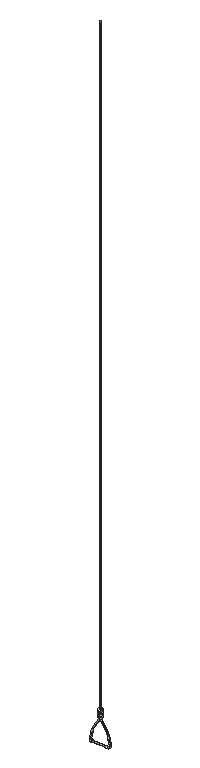
Revit family "Wire-HunterDouglas-Snap-In", category Specialty Equipment, Revit 2013
Parameters (values of type "Parametric")
  ecoScorecard_data = "http://products.ecoscorecard.com/hunterdouglas/PTSI"
  ecoScorecard Product Page = "http://hunterdouglascontract.ecoscorecard.com/product/PTSI?base_search=product_category_A1035"
  Wire Hanger = Metal - Aluminum Frame - HunterDouglas - Painted White
  URL = "http://www.hunterdouglascontract.com/ceilings/index.jsp"
  Subcategory = "Metal – Plank and Tile"  # constant formula
  Product Line = "Snap-In"  # constant formula
  Perforations = "http://www.hunterdouglascontract.com/ceilings/metalsystems/plank/snapin/index.jsp?t=perfPage"
  Model = "Snap-In Wire Hanger"  # constant formula
  Manufacturer = "Hunter Douglas Luxalon Metal Ceilings"  # constant formula
  Hanger Wire Height [instance] = 3' - 0"
  Description = "Hanger_Wire"  # constant formula
  Color Finishes = "http://www.hunterdouglascontract.com/ceilings/metalsystems/plank/snapin/index.jsp?t=colorPage"
  Assembly Code = "C3030200"
  95 CSI = "09510"  # constant formula
  04 CSI = "09 51 00"  # constant formula
Reference planes (in)
  plane 1 "Center (Front/Back)": y = 0
  plane 2: z = 0
  plane 3 "Center (Left/Right)": x = 0
  plane 4: x = -0.77248
  plane 5: x = 0.77248
  plane 6: z = 2.4375
  plane 7: z = 2.5
  plane 8: z = 36
Dimensions and locks (in)
  equal spacing: plane 4, plane 3 "Center (Left/Right)", plane 5
  plane 4 to plane 5 = 0' - 1.54495"
  locked: plane 6 to plane 7 at 0.0625
  locked: plane 6 to level at 2.4375
  "Hanger Wire Height": plane 8 to level
  aligned and locked: level to plane 2
  aligned and locked: plane 3 "Center (Left/Right)" to nested 1
  aligned and locked: plane 1 "Center (Front/Back)" to nested 1
  aligned and locked: plane 6 to nested 1
Nested families (in)
  nested 1: "Wire" at (0, 0, 0), type "Parametric"
Definition of nested family "Wire"
  Parameters (values of type "Parametric")
    Wire Hanger = Metal - Aluminum Frame - HunterDouglas - Painted White
    URL = "http://www.hunterdouglascontract.com/ceilings/index.jsp"
    Subcategory = "Metal – Linear"  # constant formula
    Product Line = "6-7 Box Series & Deep Box"  # constant formula
    Model = "6-7 Box Series & Deep Box Hanger Wire"  # constant formula
    Manufacturer = "Hunter Douglas Luxalon Metal Ceilings"  # constant formula
    HangerWire Length = 3' - 0"
    Description = "Hanger_Wire"  # constant formula
    Assembly Code = "C3030200"
    95 CSI = "09510"  # constant formula
    04 CSI = "09 51 00"  # constant formula
  Reference planes (in)
    plane 1 "Center (Front/Back)": y = 0
    plane 2: z = 0
    plane 3 "Center (Left/Right)": x = 0
    plane 4: x = -0.77248
    plane 5: x = 0.77248
    plane 6: z = 2.4375
    plane 7: z = 2.5
    plane 8: z = 36
  Forms (in)
    Sweep 1, solid, material "Metal - Aluminum Frame - HunterDouglas - Painted White" <- "Wire Hanger", detail levels fine
      path origin (0, 0, 0) x (1, 0, 0) y (0, 0, 1)
        loop
          line (0.03125, 36) -> (0.03125, 3.70793) -> (0.38236, 3.14135)
          arc (0.38236, 3.14135) -> (0.44435, 3.01623) -> (0.48166, 2.88166) r 0.73777
          line (0.48166, 2.88166) -> (0.5376, 2.56649)
          arc (0.5376, 2.56649) -> (0.51364, 2.47677) -> (0.42949, 2.4375) r 0.1098
          line (0.42949, 2.4375) -> (-0.42976, 2.4375)
          arc (-0.42976, 2.4375) -> (-0.51374, 2.47669) -> (-0.53765, 2.56622) r 0.10957
          line (-0.53765, 2.56622) -> (-0.48246, 2.87715)
          arc (-0.48246, 2.87715) -> (-0.44395, 3.01607) -> (-0.37995, 3.14524) r 0.76163
          line (-0.37995, 3.14524) -> (-0.0384, 3.69638)
      profile origin (-0.00014, 0, 2.4375) x (0, 0, -1) y (0, -1, 0)
        loop
          circle (-0.03125, 0) r 0.03125
    Revolve 2, solid, material "Metal - Aluminum Frame - HunterDouglas - Painted White" <- "Wire Hanger", detail levels fine
      sketch origin (-1.10243, 0, 0.17393) x (0.947216, 0, -0.320596) y (0.320596, 0, 0.947216)
        loop
          line (-0.19925, 4.08974) -> (-0.26999, 4.08974)
          arc (-0.26999, 4.08974) -> (-0.30124, 4.05849) -> (-0.26999, 4.02724) r 0.03125
          line (-0.26999, 4.02724) -> (-0.19925, 4.02724) -> (-0.19925, 4.08974)
        axis (-0.19925, 4.02724) -> (-0.19925, 4.08974)
      angle from 0 to 360
    Revolve 3, solid, material "Metal - Aluminum Frame - HunterDouglas - Painted White" <- "Wire Hanger", detail levels fine
      sketch origin (-1.10243, 0, 0.1083) x (0.947216, 0, -0.320596) y (0.320596, 0, 0.947216)
        loop
          line (-0.19925, 4.08974) -> (-0.26999, 4.08974)
          arc (-0.26999, 4.08974) -> (-0.30124, 4.05849) -> (-0.26999, 4.02724) r 0.03125
          line (-0.26999, 4.02724) -> (-0.19925, 4.02724) -> (-0.19925, 4.08974)
        axis (-0.19925, 4.02724) -> (-0.19925, 4.08974)
      angle from 0 to 360
    Revolve 4, solid, material "Metal - Aluminum Frame - HunterDouglas - Painted White" <- "Wire Hanger", detail levels fine
      sketch origin (-1.10243, 0, 0.04197) x (0.947216, 0, -0.320596) y (0.320596, 0, 0.947216)
        loop
          line (-0.19925, 4.08974) -> (-0.26999, 4.08974)
          arc (-0.26999, 4.08974) -> (-0.30124, 4.05849) -> (-0.26999, 4.02724) r 0.03125
          line (-0.26999, 4.02724) -> (-0.19925, 4.02724) -> (-0.19925, 4.08974)
        axis (-0.19925, 4.02724) -> (-0.19925, 4.08974)
      angle from 0 to 360
    Revolve 5, solid, material "Metal - Aluminum Frame - HunterDouglas - Painted White" <- "Wire Hanger", detail levels fine
      sketch origin (-1.10243, 0, -0.02402) x (0.947216, 0, -0.320596) y (0.320596, 0, 0.947216)
        loop
          line (-0.19925, 4.08974) -> (-0.26999, 4.08974)
          arc (-0.26999, 4.08974) -> (-0.30124, 4.05849) -> (-0.26999, 4.02724) r 0.03125
          line (-0.26999, 4.02724) -> (-0.19925, 4.02724) -> (-0.19925, 4.08974)
        axis (-0.19925, 4.02724) -> (-0.19925, 4.08974)
      angle from 0 to 360
    Revolve 6, solid, material "Metal - Aluminum Frame - HunterDouglas - Painted White" <- "Wire Hanger", detail levels fine
      sketch origin (-1.10243, 0, -0.09) x (0.947216, 0, -0.320596) y (0.320596, 0, 0.947216)
        loop
          line (-0.19925, 4.08974) -> (-0.26999, 4.08974)
          arc (-0.26999, 4.08974) -> (-0.30124, 4.05849) -> (-0.26999, 4.02724) r 0.03125
          line (-0.26999, 4.02724) -> (-0.19925, 4.02724) -> (-0.19925, 4.08974)
        axis (-0.19925, 4.02724) -> (-0.19925, 4.08974)
      angle from 0 to 360
    Revolve 7, solid, material "Metal - Aluminum Frame - HunterDouglas - Painted White" <- "Wire Hanger", detail levels fine
      sketch origin (-1.10243, 0, -0.15751) x (0.947216, 0, -0.320596) y (0.320596, 0, 0.947216)
        loop
          line (-0.19925, 4.08974) -> (-0.26999, 4.08974)
          arc (-0.26999, 4.08974) -> (-0.30124, 4.05849) -> (-0.26999, 4.02724) r 0.03125
          line (-0.26999, 4.02724) -> (-0.19925, 4.02724) -> (-0.19925, 4.08974)
        axis (-0.19925, 4.02724) -> (-0.19925, 4.08974)
      angle from 0 to 360
  Cuts and joins
    joined: Sweep 1, Revolve 3, Revolve 5, Revolve 7
  Lines and regions (in)
    model lines, style "Wire", detail levels coarse+medium
      curve 1: line (0, 0, 36) -> (0, 0, 2.5)
    symbolic lines, style "Wire", detail levels fine
      curve 2: line (-0.50903, 0.03125, 0) -> (-0.08588, 0.03125, 0)
      curve 3: line (0.50903, -0.03126, 0) -> (0.10541, -0.03126, 0)
      curve 4: arc (0.50903, 0.03125, 0) -> (0.54029, 0, 0) -> (0.50903, -0.03126, 0) r 0.03125
      curve 5: arc (-0.50903, 0.03125, 0) -> (-0.54029, 0, 0) -> (-0.50903, -0.03126, 0) r 0.03125
      curve 6: circle (0.00977, 0, 0) r 0.10062 normal (0, 0, 1)
      curve 7: circle (0, 0, 0) r 0.03125 normal (0, 0, 1)
      curve 8: line (0.10541, 0.03125, 0) -> (0.50903, 0.03125, 0)
      curve 9: line (-0.08587, -0.03126, 0) -> (-0.50903, -0.03126, 0)
      curve 43: line (-0.03122, 0, 36) -> (0.03122, 0, 36)
      curve 44: line (0.03122, 0, 36) -> (0.03122, 0, 4.1081)
      curve 45: line (-0.04684, 0, 4.13498) -> (0.08788, 0, 4.08859)
      curve 46: line (-0.07537, 0, 4.07858) -> (0.06749, 0, 4.02939)
      curve 47: arc (0.08788, 0, 4.08859) -> (0.10729, 0, 4.0488) -> (0.06749, 0, 4.02939) r 0.03131
      curve 48: arc (-0.04684, 0, 4.13498) -> (-0.08569, 0, 4.11922) -> (-0.07537, 0, 4.07858) r 0.0319
      curve 49: arc (0.08788, 0, 4.02237) -> (0.10784, 0, 3.98437) -> (0.0711, 0, 3.96216) r 0.03131
      curve 50: arc (-0.04684, 0, 4.06876) -> (-0.08551, 0, 4.05335) -> (-0.07602, 0, 4.01282) r 0.0319
      curve 51: line (-0.07602, 0, 4.01282) -> (0.0711, 0, 3.96216)
      curve 52: arc (0.08788, 0, 3.95615) -> (0.10784, 0, 3.91815) -> (0.0711, 0, 3.89594) r 0.03131
      curve 53: arc (-0.04684, 0, 4.00254) -> (-0.08551, 0, 3.98713) -> (-0.07602, 0, 3.9466) r 0.0319
      curve 54: line (-0.07602, 0, 3.9466) -> (0.0711, 0, 3.89594)
      curve 55: arc (0.08788, 0, 3.88993) -> (0.10784, 0, 3.85193) -> (0.0711, 0, 3.82972) r 0.03131
      curve 56: arc (-0.04684, 0, 3.93632) -> (-0.08551, 0, 3.92091) -> (-0.07602, 0, 3.88038) r 0.0319
      curve 57: line (-0.07602, 0, 3.88038) -> (0.0711, 0, 3.82972)
      curve 58: arc (0.08788, 0, 3.82371) -> (0.10784, 0, 3.78571) -> (0.0711, 0, 3.7635) r 0.03131
      curve 59: arc (-0.04684, 0, 3.8701) -> (-0.08551, 0, 3.85469) -> (-0.07602, 0, 3.81416) r 0.0319
      curve 60: line (-0.07602, 0, 3.81416) -> (0.0711, 0, 3.7635)
      curve 61: arc (0.08788, 0, 3.75749) -> (0.10784, 0, 3.71949) -> (0.0711, 0, 3.69728) r 0.03131
      curve 62: arc (-0.04684, 0, 3.80388) -> (-0.08551, 0, 3.78847) -> (-0.07602, 0, 3.74794) r 0.0319
      curve 63: line (-0.07602, 0, 3.74794) -> (0.0711, 0, 3.69728)
      curve 64: line (-0.0384, 0, 3.69638) -> (-0.37724, 0, 3.14961)
      curve 65: line (-0.53854, 0, 2.57083) -> (-0.47845, 0, 2.89346)
      curve 66: arc (-0.47845, 0, 2.89346) -> (-0.43931, 0, 3.02606) -> (-0.37724, 0, 3.14961) r 0.77561
      curve 67: arc (-0.53854, 0, 2.57083) -> (-0.5193, 0, 2.48393) -> (-0.44337, 0, 2.4375) r 0.11373
      curve 68: line (0.08629, 0, 3.61911) -> (-0.0384, 0, 3.69638)
      curve 69: spline (-0.02925, 0, 3.69071) -> (-0.02601, 0, 3.69164) -> (-0.02149, 0, 3.69294) -> (-0.01593, 0, 3.69453) -> (-0.00958, 0, 3.69634) -> (-0.00276, 0, 3.69828) -> (0.00419, 0, 3.70026) -> (0.01093, 0, 3.70218) -> (0.01714, 0, 3.70394) -> (0.02251, 0, 3.70547) -> (0.02678, 0, 3.70667) -> (0.02974, 0, 3.70751) -> (0.03125, 0, 3.70793)
      curve 70: line (0, 0, 3.6397) -> (-0.32412, 0, 3.11669)
      curve 71: arc (-0.41709, 0, 2.88159) -> (-0.3811, 0, 3.00329) -> (-0.32412, 0, 3.11669) r 0.71311
      curve 72: line (-0.4771, 0, 2.55939) -> (-0.41709, 0, 2.88159)
      curve 73: arc (-0.4771, 0, 2.55939) -> (-0.46843, 0, 2.52024) -> (-0.43423, 0, 2.49933) r 0.05123
      curve 74: line (0.03122, 0, 36) -> (-0.03122, 0, 36)
      curve 75: line (-0.03122, 0, 36) -> (-0.03122, 0, 4.1296)
      curve 76: line (0.02882, 0, 3.71184) -> (0.37724, 0, 3.14961)
      curve 77: line (0.53854, 0, 2.57083) -> (0.47845, 0, 2.89346)
      curve 78: arc (0.47845, 0, 2.89346) -> (0.43931, 0, 3.02606) -> (0.37724, 0, 3.14961) r 0.77561
      curve 79: arc (0.53854, 0, 2.57083) -> (0.5193, 0, 2.48393) -> (0.44337, 0, 2.4375) r 0.11373
      curve 80: arc (0.4771, 0, 2.55939) -> (0.46843, 0, 2.52024) -> (0.43423, 0, 2.49933) r 0.05123
      curve 81: line (0.4771, 0, 2.55939) -> (0.41709, 0, 2.88159)
      curve 82: arc (0.41709, 0, 2.88159) -> (0.3811, 0, 3.00329) -> (0.32412, 0, 3.11669) r 0.71311
      curve 83: line (0, 0, 3.6397) -> (0.32412, 0, 3.11669)
      curve 84: line (-0.43423, 0, 2.49933) -> (0.43423, 0, 2.49933)
      curve 85: line (0.44337, 0, 2.4375) -> (-0.44337, 0, 2.4375)
      curve 86: line (-0.03122, 0, 3.73252) -> (-0.03122, 0, 3.69194)
    symbolic lines, style "Wire"
      curve 10: line (0, 0.03125, 36) -> (0, -0.03125, 36)
      curve 11: line (0, 0.03125, 2.46831) -> (0, 0.03125, 3.69854)
      curve 12: line (0, -0.03125, 36) -> (0, -0.03125, 4.05165)
      curve 13: arc (0, -0.08474, 4.0503) -> (0, -0.10167, 4.01557) -> (0, -0.08145, 3.98266) r 0.04011
      curve 14: arc (0, -0.08145, 3.98266) -> (0, -0.04212, 3.96692) -> (0, 0, 3.96236) r 0.15569
      curve 15: arc (0, 0.08474, 4.0503) -> (0, 0.10167, 4.01557) -> (0, 0.08145, 3.98266) r 0.04011
      curve 16: arc (0, 0.08145, 3.98266) -> (0, 0.04212, 3.96692) -> (0, 0, 3.96236) r 0.15569
      curve 17: arc (0, 0.03125, 4.05165) -> (0, 0, 4.04216) -> (0, -0.03125, 4.05165) r 0.05621
      curve 18: arc (0, -0.08169, 3.9828) -> (0, -0.10172, 3.94794) -> (0, -0.08145, 3.91321) r 0.04011
      curve 19: arc (0, -0.08145, 3.91321) -> (0, -0.04212, 3.89747) -> (0, 0, 3.89291) r 0.15569
      curve 20: arc (0, 0.08169, 3.9828) -> (0, 0.10172, 3.94794) -> (0, 0.08145, 3.91321) r 0.04011
      curve 21: arc (0, 0.08145, 3.91321) -> (0, 0.04212, 3.89747) -> (0, 0, 3.89291) r 0.15569
      curve 22: arc (0, -0.08474, 3.91531) -> (0, -0.10167, 3.88058) -> (0, -0.08145, 3.84767) r 0.04011
      curve 23: arc (0, -0.08145, 3.84767) -> (0, -0.04212, 3.83193) -> (0, 0, 3.82736) r 0.15569
      curve 24: arc (0, 0.08474, 3.91531) -> (0, 0.10167, 3.88058) -> (0, 0.08145, 3.84767) r 0.04011
      curve 25: arc (0, 0.08145, 3.84767) -> (0, 0.04212, 3.83193) -> (0, 0, 3.82736) r 0.15569
      curve 26: arc (0, -0.08474, 3.84977) -> (0, -0.10167, 3.81504) -> (0, -0.08145, 3.78213) r 0.04011
      curve 27: arc (0, -0.08145, 3.78213) -> (0, -0.04212, 3.76638) -> (0, 0, 3.76182) r 0.15569
      curve 28: arc (0, 0.08474, 3.84977) -> (0, 0.10167, 3.81504) -> (0, 0.08145, 3.78213) r 0.04011
      curve 29: arc (0, 0.08145, 3.78213) -> (0, 0.04212, 3.76638) -> (0, 0, 3.76182) r 0.15569
      curve 30: arc (0, -0.08474, 3.78422) -> (0, -0.10167, 3.7495) -> (0, -0.08145, 3.71659) r 0.04011
      curve 31: arc (0, -0.08145, 3.71659) -> (0, -0.04212, 3.70084) -> (0, 0, 3.69628) r 0.15569
      curve 32: arc (0, 0.08474, 3.78422) -> (0, 0.10167, 3.7495) -> (0, 0.08145, 3.71659) r 0.04011
      curve 33: arc (0, 0.08145, 3.71659) -> (0, 0.04212, 3.70084) -> (0, 0, 3.69628) r 0.15569
      curve 34: line (0, 0.03125, 4.05165) -> (0, 0.03125, 36)
      curve 35: line (0, -0.03125, 3.69854) -> (0, -0.03125, 2.46831)
      curve 36: arc (0, -0.03125, 2.46831) -> (0, 0, 2.43706) -> (0, 0.03125, 2.46831) r 0.03125
      curve 37: arc (0, -0.08474, 4.11584) -> (0, -0.10167, 4.08112) -> (0, -0.08145, 4.0482) r 0.04011
      curve 38: arc (0, -0.08145, 4.0482) -> (0, -0.04212, 4.03246) -> (0, 0, 4.0279) r 0.15569
      curve 39: arc (0, 0.08474, 4.11584) -> (0, 0.10167, 4.08112) -> (0, 0.08145, 4.0482) r 0.04011
      curve 40: arc (0, 0.08145, 4.0482) -> (0, 0.04212, 4.03246) -> (0, 0, 4.0279) r 0.15569
      curve 41: arc (0, -0.08474, 4.11584) -> (0, -0.05931, 4.12919) -> (0, -0.03125, 4.13531) r 0.10721
      curve 42: arc (0, 0.08474, 4.11584) -> (0, 0.05931, 4.12919) -> (0, 0.03125, 4.13531) r 0.10721
  Dimensions and locks (in)
    equal spacing: plane 4, plane 3 "Center (Left/Right)", plane 5
    plane 4 to plane 5 = 0' - 1.54495"
    locked: plane 6 to plane 7 at 0.0625
    locked: plane 6 to level at 2.4375
    "HangerWire Length": plane 8 to level
    aligned and locked: level to plane 2
    aligned and locked: Sweep 1 sketch curve to plane 6
    aligned and locked: plane 8 to Sweep 1 sketch curve
    aligned and locked: curve 1 to plane 3 "Center (Left/Right)"
    aligned and locked: plane 7 to curve 1
    aligned and locked: plane 8 to curve 1
    aligned and locked: curve 7 to cut or joined group of Sweep 1, Revolve 3, Revolve 5, Revolve 7
    aligned and locked: curve 68 to cut or joined group of Sweep 1, Revolve 3, Revolve 5, Revolve 7
  Automatic sketch dimensions
    Sweep 1 sketch curve to plane 1 "Center (Front/Back)" = 0' - 0"
    profile plane to Sweep 1 sketch curve = 0' - 0 1/32"
    Revolve 2 sketch curve to plane 3 "Center (Left/Right)" = 0' - 0.06706"
    Revolve 2 sketch curve to Revolve 2 sketch curve = 0' - 0.07074"
    Revolve 2 sketch curve to Revolve 2 sketch curve = 0' - 0"  (x2)
    Revolve 2 sketch curve to Revolve 2 sketch curve = 0' - 0 1/32"
    Revolve 2 sketch curve to Revolve 2 sketch curve = 0' - 0.02781"
    Revolve 3 sketch curve to plane 3 "Center (Left/Right)" = 0' - 0.06706"
    Revolve 3 sketch curve to Revolve 3 sketch curve = 0' - 0.07074"
    Revolve 3 sketch curve to Revolve 3 sketch curve = 0' - 0"  (x2)
    Revolve 3 sketch curve to Revolve 3 sketch curve = 0' - 0 1/32"
    Revolve 3 sketch curve to Revolve 3 sketch curve = 0' - 0.02781"
    Revolve 4 sketch curve to plane 3 "Center (Left/Right)" = 0' - 0.06706"
    Revolve 4 sketch curve to Revolve 4 sketch curve = 0' - 0.07074"
    Revolve 4 sketch curve to Revolve 4 sketch curve = 0' - 0"  (x2)
    Revolve 4 sketch curve to Revolve 4 sketch curve = 0' - 0 1/32"
    Revolve 4 sketch curve to Revolve 4 sketch curve = 0' - 0.02781"
    Revolve 5 sketch curve to plane 3 "Center (Left/Right)" = 0' - 0.06706"
    Revolve 5 sketch curve to Revolve 5 sketch curve = 0' - 0.07074"
    Revolve 5 sketch curve to Revolve 5 sketch curve = 0' - 0"  (x2)
    Revolve 5 sketch curve to Revolve 5 sketch curve = 0' - 0 1/32"
    Revolve 5 sketch curve to Revolve 5 sketch curve = 0' - 0.02781"
    Revolve 6 sketch curve to plane 3 "Center (Left/Right)" = 0' - 0.06706"
    Revolve 6 sketch curve to Revolve 6 sketch curve = 0' - 0.07074"
    Revolve 6 sketch curve to Revolve 6 sketch curve = 0' - 0"  (x2)
    Revolve 6 sketch curve to Revolve 6 sketch curve = 0' - 0 1/32"
    Revolve 6 sketch curve to Revolve 6 sketch curve = 0' - 0.02781"
    Revolve 7 sketch curve to plane 3 "Center (Left/Right)" = 0' - 0.06706"
    Revolve 7 sketch curve to Revolve 7 sketch curve = 0' - 0.07074"
    Revolve 7 sketch curve to Revolve 7 sketch curve = 0' - 0"  (x2)
    Revolve 7 sketch curve to Revolve 7 sketch curve = 0' - 0 1/32"
    Revolve 7 sketch curve to Revolve 7 sketch curve = 0' - 0.02781"
    plane 7 to Sweep 1 sketch curve = 0' - 0.06622"
    Sweep 1 sketch curve to plane 4 = 0' - 0.23483"
    Sweep 1 sketch curve to plane 4 = 0' - 0.29002"
    Sweep 1 sketch curve to Sweep 1 sketch curve = 0' - 0.10788"
    Sweep 1 sketch curve to Sweep 1 sketch curve = 0' - 0.10251"
    Sweep 1 sketch curve to plane 3 "Center (Left/Right)" = 0' - 0.24476"
    Sweep 1 sketch curve to plane 3 "Center (Left/Right)" = 0' - 0.0384"
    plane 3 "Center (Left/Right)" to Sweep 1 sketch curve = 0' - 0 1/32"
    plane 3 "Center (Left/Right)" to Sweep 1 sketch curve = 0' - 0.26745"
    plane 3 "Center (Left/Right)" to Sweep 1 sketch curve = 0' - 0.38236"
    Sweep 1 sketch curve to plane 5 = 0' - 0.34298"
    Sweep 1 sketch curve to Sweep 1 sketch curve = 0' - 0.21421"
    plane 7 to Sweep 1 sketch curve = 0' - 0.06649"
    Sweep 1 sketch curve to Sweep 1 sketch curve = 0' - 0.10811"
    plane 7 to Sweep 1 sketch curve = 0' - 0.24405"
    plane 7 to Sweep 1 sketch curve = 0' - 0.25273"
    Sweep 1 sketch curve to Sweep 1 sketch curve = 0' - 0.12442"
    Sweep 1 sketch curve to Sweep 1 sketch curve = 0' - 0.13761"
    Sweep 1 sketch curve to Sweep 1 sketch curve = 0' - 0.55114"
    Sweep 1 sketch curve to Sweep 1 sketch curve = 0' - 0.01154"
    plane 7 to Revolve 2 sketch curve = 0' - 1.57516"
    plane 7 to Revolve 3 sketch curve = 0' - 1.50953"
    plane 7 to Revolve 4 sketch curve = 0' - 1.44319"
    plane 7 to Revolve 5 sketch curve = 0' - 1.37721"
    plane 7 to Revolve 6 sketch curve = 0' - 1.31123"
    plane 7 to Revolve 7 sketch curve = 0' - 1.24371"
    plane 1 "Center (Front/Back)" to curve 6 = 0' - 0"
    curve 2 to plane 1 "Center (Front/Back)" = 0' - 0 1/32"
    curve 2 to plane 4 = 0' - 0.26344"
    plane 3 "Center (Left/Right)" to curve 6 = 0' - 0.00977"
    plane 1 "Center (Front/Back)" to curve 3 = 0' - 0 1/32"
    curve 3 to plane 5 = 0' - 0.26344"
    plane 3 "Center (Left/Right)" to curve 8 = 0' - 0.10541"
    plane 1 "Center (Front/Back)" to curve 4 = 0' - 0"
    plane 1 "Center (Front/Back)" to curve 5 = 0' - 0 1/32"
    curve 12 to plane 8 = 0' - 0"
    curve 17 to plane 1 "Center (Front/Back)" = 0' - 0"
    curve 25 to plane 1 "Center (Front/Back)" = 0' - 0"
    curve 21 to plane 1 "Center (Front/Back)" = 0' - 0"
    curve 33 to plane 1 "Center (Front/Back)" = 0' - 0"
    curve 38 to plane 1 "Center (Front/Back)" = 0' - 0"
    curve 36 to plane 1 "Center (Front/Back)" = 0' - 0"
    curve 14 to plane 1 "Center (Front/Back)" = 0' - 0"
    curve 27 to plane 1 "Center (Front/Back)" = 0' - 0"
    plane 1 "Center (Front/Back)" to curve 19 = 0' - 0.00445"
    plane 1 "Center (Front/Back)" to curve 23 = 0' - 0.00445"
    plane 1 "Center (Front/Back)" to curve 14 = 0' - 0.00445"
    plane 1 "Center (Front/Back)" to curve 27 = 0' - 0.00445"
    plane 1 "Center (Front/Back)" to curve 38 = 0' - 0.00445"
    plane 1 "Center (Front/Back)" to curve 31 = 0' - 0.00445"
    plane 1 "Center (Front/Back)" to curve 41 = 0' - 0.02264"
    plane 1 "Center (Front/Back)" to curve 10 = 0' - 0 1/32"
    curve 36 to curve 36 = 0' - 0 1/32"
    curve 30 to curve 35 = 0' - 0.03036"
    plane 1 "Center (Front/Back)" to curve 26 = 0' - 0.06161"
    curve 13 to curve 41 = 0' - 0.03896"
    plane 1 "Center (Front/Back)" to curve 22 = 0' - 0.06161"
    curve 27 to curve 30 = 0' - 0.01984"
    curve 18 to curve 22 = 0' - 0.01984"
    curve 30 to curve 30 = 0' - 0.01984"
    curve 26 to curve 27 = 0' - 0"
    curve 38 to curve 13 = 0' - 0.01984"
    curve 37 to curve 38 = 0' - 0"
    curve 19 to curve 18 = 0' - 0"
    curve 31 to curve 30 = 0' - 0"
    curve 22 to curve 26 = 0' - 0.01984"
    curve 13 to curve 18 = 0' - 0.01984"
    curve 14 to curve 13 = 0' - 0"
    curve 23 to curve 22 = 0' - 0"
    curve 18 to curve 13 = 0' - 0.00025"
    curve 30 to curve 26 = 0' - 0.0033"
    curve 13 to curve 38 = 0' - 0.0033"
    curve 22 to curve 19 = 0' - 0.0033"
    curve 41 to curve 37 = 0' - 0.02313"
    curve 26 to curve 22 = 0' - 0.0033"
    curve 25 to plane 1 "Center (Front/Back)" = 0' - 0.00445"
    curve 29 to plane 1 "Center (Front/Back)" = 0' - 0.00445"
    curve 40 to plane 1 "Center (Front/Back)" = 0' - 0.00445"
    curve 16 to plane 1 "Center (Front/Back)" = 0' - 0.00445"
    curve 33 to plane 1 "Center (Front/Back)" = 0' - 0.00445"
    curve 21 to plane 1 "Center (Front/Back)" = 0' - 0.00445"
    curve 42 to plane 1 "Center (Front/Back)" = 0' - 0.02264"
    curve 10 to plane 1 "Center (Front/Back)" = 0' - 0 1/32"
    curve 24 to plane 1 "Center (Front/Back)" = 0' - 0.06161"
    curve 42 to curve 15 = 0' - 0.03896"
    curve 11 to curve 32 = 0' - 0.03036"
    curve 28 to plane 1 "Center (Front/Back)" = 0' - 0.06161"
    curve 20 to curve 16 = 0' - 0.01984"
    curve 32 to curve 28 = 0' - 0.01984"
    curve 28 to curve 25 = 0' - 0.01984"
    curve 24 to curve 25 = 0' - 0"
    curve 29 to curve 28 = 0' - 0"
    curve 32 to curve 32 = 0' - 0.01984"
    curve 24 to curve 21 = 0' - 0.01984"
    curve 20 to curve 21 = 0' - 0"
    curve 15 to curve 16 = 0' - 0"
    curve 15 to curve 40 = 0' - 0.01984"
    curve 39 to curve 40 = 0' - 0"
    curve 33 to curve 32 = 0' - 0"
    curve 16 to curve 20 = 0' - 0.00025"
    curve 39 to curve 39 = 0' - 0.02313"
    curve 28 to curve 32 = 0' - 0.0033"
    curve 25 to curve 28 = 0' - 0.0033"
    curve 20 to curve 24 = 0' - 0.0033"
    plane 7 to curve 40 = 0' - 1.68352"
    curve 38 to curve 40 = 0' - 0"
    curve 42 to curve 40 = 0' - 0.04821"
    curve 41 to curve 38 = 0' - 0.04821"
    curve 41 to curve 41 = 0' - 0.01947"
    curve 14 to curve 41 = 0' - 0.01733"
    curve 14 to curve 16 = 0' - 0"
    curve 17 to curve 14 = 0' - 0.01961"
    curve 38 to curve 21 = 0' - 0.02063"
    curve 19 to curve 21 = 0' - 0"
    curve 16 to curve 25 = 0' - 0.02063"
    curve 23 to curve 25 = 0' - 0"
    curve 16 to curve 20 = 0' - 0.00014"
    curve 19 to curve 29 = 0' - 0.02454"
    curve 27 to curve 29 = 0' - 0"
    curve 20 to curve 24 = 0' - 0.00209"
    curve 25 to curve 33 = 0' - 0.02454"
    curve 31 to curve 33 = 0' - 0"
    curve 22 to curve 26 = 0' - 0.00209"
    curve 28 to curve 32 = 0' - 0.00209"
    curve 36 to plane 6 = 0' - 0.03081"
    curve 37 to curve 41 = 0' - 0.05349"
    curve 18 to curve 13 = 0' - 0.02008"
    curve 39 to curve 39 = 0' - 0.01984"
    curve 20 to curve 24 = 0' - 0.02313"
    curve 39 to curve 15 = 0' - 0.0033"
    curve 31 to curve 38 = 0' - 0.33162"
    curve 41 to curve 12 = 0' - 0.0232"
    curve 66 to curve 71 = 0' - 0"  (x2)
    curve 67 to curve 73 = 0' - 0"  (x2)
    curve 78 to curve 82 = 0' - 0"  (x2)
    curve 79 to curve 80 = 0' - 0"  (x2)
    curve 67 to plane 6 = 0' - 0"
    curve 74 to plane 8 = 0' - 0"
    curve 83 to plane 3 "Center (Left/Right)" = 0' - 0"
    curve 69 to plane 3 "Center (Left/Right)" = 0' - 0.02925"
    curve 86 to curve 69 = 0' - 0.00197"
    curve 75 to plane 3 "Center (Left/Right)" = 0' - 0.03122"
    curve 69 to curve 86 = 0' - 0.00021"
    curve 64 to curve 86 = 0' - 0.00718"
    curve 62 to plane 3 "Center (Left/Right)" = 0' - 0.04684"
    curve 48 to curve 75 = 0' - 0 1/64"
    curve 59 to plane 3 "Center (Left/Right)" = 0' - 0.04684"
    curve 53 to plane 3 "Center (Left/Right)" = 0' - 0.04684"
    curve 56 to plane 3 "Center (Left/Right)" = 0' - 0.04684"
    curve 50 to plane 3 "Center (Left/Right)" = 0' - 0.04684"
    curve 59 to curve 59 = 0' - 0.01039"
    curve 50 to curve 50 = 0' - 0.01039"
    curve 48 to curve 48 = 0' - 0.01039"
    curve 62 to curve 62 = 0' - 0.01039"
    curve 56 to curve 56 = 0' - 0.01039"
    curve 53 to curve 53 = 0' - 0.01039"
    curve 46 to curve 50 = 0' - 0.02853"
    curve 59 to curve 62 = 0' - 0.02918"
    curve 54 to curve 56 = 0' - 0.02918"
    curve 63 to curve 62 = 0' - 0.01879"
    curve 56 to curve 59 = 0' - 0.02918"
    curve 50 to curve 53 = 0' - 0.02918"
    curve 70 to plane 3 "Center (Left/Right)" = 0' - 0.32412"
    curve 64 to curve 71 = 0' - 0.05313"
    curve 71 to curve 78 = 0' - 0.13505"
    plane 7 to curve 73 = 0' - 0.05001"
    curve 73 to curve 78 = 0' - 0.14469"
    curve 73 to plane 7 = 0' - 0.00067"
    curve 73 to curve 67 = 0' - 0.0075"
    curve 85 to curve 84 = 0' - 0.00915"
    curve 73 to curve 67 = 0' - 0.05037"
    curve 65 to curve 71 = 0' - 0.06136"
    plane 7 to curve 65 = 0' - 0.07083"
    plane 3 "Center (Left/Right)" to curve 69 = 0' - 0"
    plane 3 "Center (Left/Right)" to curve 76 = 0' - 0.02882"
    plane 3 "Center (Left/Right)" to curve 43 = 0' - 0.03122"
    curve 76 to curve 69 = 0' - 0.00243"
    plane 3 "Center (Left/Right)" to curve 47 = 0' - 0.06749"
    curve 69 to curve 63 = 0' - 0.03985"
    curve 58 to curve 63 = 0' - 0"
    curve 47 to curve 49 = 0' - 0.00361"
    curve 55 to curve 60 = 0' - 0"
    curve 51 to curve 54 = 0' - 0"
    curve 63 to curve 61 = 0' - 0.00658"
    curve 57 to curve 55 = 0' - 0.00658"
    curve 46 to curve 47 = 0' - 0.01019"
    curve 49 to curve 49 = 0' - 0.00658"
    curve 60 to curve 58 = 0' - 0.00658"
    curve 54 to curve 52 = 0' - 0.00658"
    curve 61 to curve 68 = 0' - 0.01519"
    curve 47 to curve 49 = 0' - 0.02038"
    curve 58 to curve 61 = 0' - 0.01678"
    curve 51 to curve 52 = 0' - 0.01678"
    curve 55 to curve 58 = 0' - 0.01678"
    curve 47 to curve 47 = 0' - 0.01019"
    curve 52 to curve 55 = 0' - 0.01678"
    plane 3 "Center (Left/Right)" to curve 71 = 0' - 0.28204"
    plane 3 "Center (Left/Right)" to curve 83 = 0' - 0.32412"
    curve 83 to curve 76 = 0' - 0.05313"
    curve 66 to curve 81 = 0' - 0.13505"
    plane 7 to curve 80 = 0' - 0.05001"
    curve 66 to curve 80 = 0' - 0.14469"
    curve 79 to curve 80 = 0' - 0.0075"
    curve 84 to curve 79 = 0' - 0.00915"
    curve 79 to curve 80 = 0' - 0.05037"
    curve 81 to curve 78 = 0' - 0.06136"
    curve 80 to curve 79 = 0' - 0.06144"
    curve 79 to curve 71 = 0' - 0.19104"
    curve 67 to curve 82 = 0' - 0.19104"
    curve 66 to curve 81 = 0' - 0.14054"
    curve 71 to curve 65 = 0' - 0.01187"
    curve 81 to curve 78 = 0' - 0.01187"
    curve 83 to curve 69 = 0' - 0.05101"
    curve 69 to curve 86 = 0' - 0.00186"
    curve 63 to curve 69 = 0' - 0.01064"
    curve 63 to curve 61 = 0' - 0.03061"
    curve 64 to curve 86 = 0' - 0.03613"
    curve 61 to curve 58 = 0' - 0.00601"
    curve 62 to curve 62 = 0' - 0.02577"
    curve 60 to curve 58 = 0' - 0.03061"
    curve 62 to curve 60 = 0' - 0.01028"
    curve 58 to curve 57 = 0' - 0.00601"
    curve 60 to curve 59 = 0' - 0.02577"
    curve 57 to curve 55 = 0' - 0.03061"
    curve 59 to curve 57 = 0' - 0.01028"
    curve 55 to curve 54 = 0' - 0.00601"
    curve 56 to curve 56 = 0' - 0.02577"
    curve 54 to curve 52 = 0' - 0.03061"
    curve 56 to curve 53 = 0' - 0.01028"
    curve 52 to curve 49 = 0' - 0.00601"
    curve 53 to curve 53 = 0' - 0.02577"
    curve 49 to curve 49 = 0' - 0.03061"
    curve 53 to curve 51 = 0' - 0.01028"
    curve 49 to curve 47 = 0' - 0.00702"
    curve 51 to curve 50 = 0' - 0.02577"
    curve 46 to curve 47 = 0' - 0.0296"
    curve 46 to curve 48 = 0' - 0.02623"
    radius of Sweep 1 sketch curve = 0' - 0 1/32"
